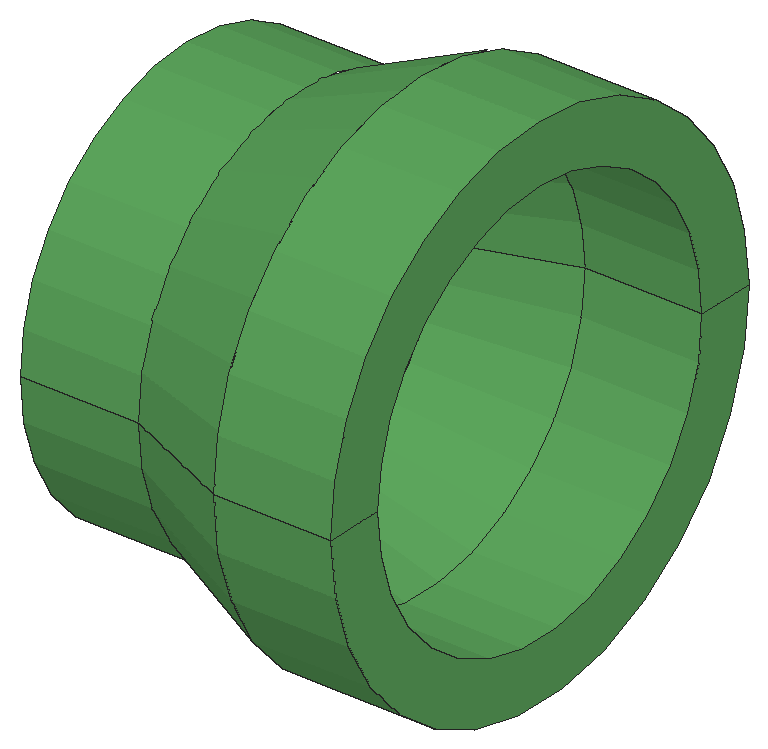
Revit family "Aquatherm_Переходник для сварки встык", category Соединительные детали трубопроводов, Revit 2019
Family settings
  Размер круглого соединителя = Использовать диаметр
  Тип детали = Переход
  На основе рабочей плоскости = Нет
  Всегда вертикально = Да
  При загрузке вырезать с полостями = Нет
  Общий = Нет
Parameters (values of type "SDR 9")
  Материал_Корпус = AquaTherm green pipe
  d1 [instance] = D1 / SDR * 1 mm  # 22.222 mm
  d [instance] = D / SDR * 1 mm  # 17.778 mm
  URL = "www.agpipe.ru"
  SDR = 9 mm
  D1 [instance] = 200 mm
  D [instance] = 160 mm
  L [instance] = size_lookup("Переходник для сварки встык", "L", 20 mm, D, D1, SDR)  # 135 mm
  ADSK_Примечание = ""
  ADSK_Позиция [instance] = ""
  ADSK_Обозначение = ""
  ADSK_Наименование [instance] = size_lookup("Переходник для сварки встык", "ADSK_Наименование", "Нет в каталоге", D, D1, SDR)  # "Переходник для сварки встык DN160/DN200"
  ADSK_Масса_Текст [instance] = size_lookup("Переходник для сварки встык", "ADSK_Масса_Текст", "Нет в каталоге", D, D1, SDR)  # "1.588"
  ADSK_Код изделия [instance] = size_lookup("Переходник для сварки встык", "ADSK_Код изделия", "Нет в каталоге", D, D1, SDR)  # "311184"
  ADSK_Завод-изготовитель = "Aquatherm"  # constant formula
  ADSK_Единица измерения = "шт."  # constant formula
Types (5, lengths in mm): name | d1 | d | SDR | ADSK_Масса_Текст | ADSK_Код изделия
  (no name) | 22.222 | 17.778 | 9 | "1.588" | "311184"
  SDR 9 | 22.222 | 17.778 | 9 | "1.588" | "311184"
  SDR 7.4 | 27.027 | 21.622 | 7.4 | "1.638" | "11184"
  SDR 11 | 18.182 | 14.545 | 11 | "1.206" | "11185"
  SDR 17.6 | 11.364 | 9.091 | 17.6 | "1.012" | "2511184"
Reference planes
  plane 1 "По центру (Вперед/Назад)": y = 0
  plane 2: z = 0
  plane 3 "По центру (Влево/Вправо)": x = 0
  plane 4: x = -67.5
  plane 5: x = 67.5
  plane 6: y = 80
  plane 7: y = -80
  plane 8: y = -100
  plane 9: y = 100
  plane 10: x = -22.5
  plane 11: x = 22.5
Forms (mm)
  Revolve 1, solid, material "AquaTherm green pipe" <- "Материал_Корпус"
    sketch origin (0, 0, 0) x (1, 0, 0) y (0, 1, 0)
      loop
        line (-67.5, 80) -> (-67.5, 62.222) -> (-22.5, 62.222) -> (22.5, 77.778) -> (67.5, 77.778) -> (67.5, 100) -> (22.5, 100) -> (-22.5, 80) -> (-67.5, 80)
      axis (-67.5, 0) -> (67.5, 0)
    angle from 0 to 360
Lines and regions (mm)
  reference lines
    curve 1: line (-67.5, 0, 0) -> (67.5, 0, 0)
Dimensions and locks
  equal spacing: plane 4, plane 3 "По центру (Влево/Вправо)", plane 5
  "L": plane 4 to plane 5
  equal spacing: plane 6, plane 1 "По центру (Вперед/Назад)", plane 7
  "D": plane 6 to plane 7
  equal spacing: plane 9, plane 1 "По центру (Вперед/Назад)", plane 8
  "D1": plane 9 to plane 8
  equal spacing: plane 4, plane 10, plane 11, plane 5
  "d1": plane 9 to Revolve 1 sketch curve
  "d": plane 6 to Revolve 1 sketch curve
  aligned and locked: level to plane 2
  aligned and locked: plane 1 "По центру (Вперед/Назад)" to Revolve 1 sketch curve
  aligned and locked: plane 4 to Revolve 1 sketch curve
  aligned and locked: Revolve 1 sketch curve to plane 6
  aligned and locked: Revolve 1 sketch curve to plane 9
  aligned and locked: Revolve 1 sketch curve to plane 5
  aligned and locked: plane 10 to Revolve 1 sketch curve  (x2)
  aligned and locked: plane 11 to Revolve 1 sketch curve  (x2)
  aligned and locked: plane 4 to curve 1
  aligned and locked: plane 5 to curve 1
Automatic sketch dimensions
  plane 1 "По центру (Вперед/Назад)" to curve 1 = 0 mm
  plane 4 to Revolve 1 sketch curve = 20 mm
  Revolve 1 sketch curve to plane 5 = 15 mm
Connectors
  piping at (-67.5, 0, 0), diameter 160, driven by "D"
    settings: on curve 1, index 1, connector inside diameter 609.6 mm, connector length 0 mm, flow factor 0, pipe flow 0.0 L/s, pressure drop 0.0 Pa, fitting loss kfactor 0, connector angle 0.00°, fixture units 0, engagement length 0 mm, angle of deflection 0.00°, flow configuration 0, flow direction 0, fitting loss method 0, system type 28, joint type 0, gender type 0, connector reference index 2, connector utility 0, adjustable connector no, is connector primary yes, connector description ""
  piping at (67.5, 0, 0), diameter 200, driven by "D1"
    settings: on curve 1, index 2, connector inside diameter 609.6 mm, connector length 0 mm, flow factor 0, pipe flow 0.0 L/s, pressure drop 0.0 Pa, fitting loss kfactor 0, connector angle 0.00°, fixture units 0, engagement length 0 mm, angle of deflection 0.00°, flow configuration 0, flow direction 0, fitting loss method 0, system type 28, joint type 0, gender type 0, connector reference index 1, connector utility 0, adjustable connector no, is connector primary no, connector description ""
